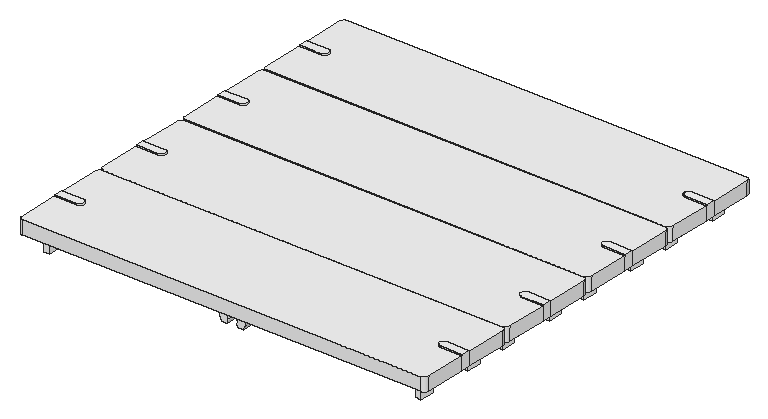
Revit family "Gira_502412", category Electrical Fixtures, host Face, Revit 2017
Family settings
  Host = Face
  Maintain Annotation Orientation = No
  Round Connector Dimension = Use Diameter
  Part Type = Normal
  Cut with Voids When Loaded = No
  Shared = No
  Room Calculation Point = No
Parameters (values of type "rocker set 4-g PB sens.4 TS4 white gl.")
  URL = "https://www.gira.de/"
  Type Comments = ""
  Transparent = no
  Radio frequent bidirectional = no
  Model = ""
  Material = "Glass"
  Manufacturer = "Gira"
  Keynote = ""
  HeinzeBIM = "https://www.heinze.de/bim/rocker-set-4-g-pb-sens-4-ts4-white-gl-/9f6952b6be395fb37c6925094cc660bfa5760379"
  HAN = "502412"
  GTIN = "4010337072034"
  Description = ""
  Default Elevation = 1219.2 mm
  Cost = 0
  Colour = "White"
  BIMSITE_PRODUCT_ID = "9f6952b6be395fb37c6925094cc660bfa5760379"
  BIM = "https://media.live.bim.site/t/eyJhbGciOiJIUzI1NiIsInR5cCI6IkpXVCJ9.eyJjdCI6MSwidGYiOiJwdWJsaWMvZ2lyYS8wOWY1ZGI1LzQwXzUwMjEwMCBUUzQgV2lwcGVuc2V0IDRmYWNoLnJmYSIsImNpZCI6ImZlZDk4ZTlhLTFiZDgtNGM2OC1hNzNiLTc0YTk0ZTMxNTgyMyIsInJpZCI6ImVmNjg3NzE5N2VjZjBjOGJjNTFkYjY0OTQyMjUzMTVlIiwicGlkIjoiOWY2OTUyYjZiZTM5NWZiMzdjNjkyNTA5NGNjNjYwYmZhNTc2MDM3OSIsInNpZCI6IjYzNDcwIiwidXQiOjUsImxjIjoiZW4iLCJpYXQiOjE2MDc0MzkzNzEsImlzcyI6Imh0dHBzOi8vYXBpLmxpdmUuYmltLnNpdGUiLCJzdWIiOiI4ZDNhYTVjYi1lMDY2LTQ1OTgtYmUxNi02ZTE2ZWU3NDk1NmEifQ.YosGSkj3nY3OO-fRPoJljp_Z94FloCtzurKV-yGnqNY/40_502100 TS4 Wippenset 4fach.rfa"
  Assembly Code = ""
Reference planes
  plane 1 "Center (Front/Back)": y = 0
  plane 2: z = 0
  plane 3 "Center (Left/Right)": x = 0
Dimensions and locks
  aligned and locked: plane 2 to host face
  aligned and locked: level to host face
Nested families
  nested 1: "40_502100 TS4 Wippenset 4fach" at (0, 0, 0), type "40_502100 TS4 Wippenset 4fach"
Definition of nested family "40_502100 TS4 Wippenset 4fach"
  Parameters
    White = none
  Reference planes
    plane 1 "Center (Front/Back)": y = 0
    plane 2: z = 0
    plane 3 "Center (Left/Right)": x = 0
  Forms (mm)
    Extrusion 1, solid, material <- "White", detail levels fine
      sketch origin (0, 0, 0) x (1, 0, 0) y (0, 1, 0)
        loop
          arc (-46.5, 47.5) -> (-47.207, 47.207) -> (-47.5, 46.5) r 1
          line (-47.5, 46.5) -> (-47.5, 36.7) -> (-42.5, 36.7)
          arc (-42.5, 36.7) -> (-41.5, 35.7) -> (-42.5, 34.7) r 1
          line (-42.5, 34.7) -> (-47.5, 34.7) -> (-47.5, 24.95)
          arc (-47.5, 24.95) -> (-47.207, 24.243) -> (-46.5, 23.95) r 1
          line (-46.5, 23.95) -> (46.5, 23.95)
          arc (46.5, 23.95) -> (47.207, 24.243) -> (47.5, 24.95) r 1
          line (47.5, 24.95) -> (47.5, 34.7) -> (42.5, 34.7)
          arc (42.5, 34.7) -> (41.5, 35.7) -> (42.5, 36.7) r 1
          line (42.5, 36.7) -> (47.5, 36.7) -> (47.5, 46.5)
          arc (47.5, 46.5) -> (47.207, 47.207) -> (46.5, 47.5) r 1
          line (46.5, 47.5) -> (-46.5, 47.5)
      from 0 to 3.1
    Extrusion 2, solid, material <- "White", detail levels fine
      sketch origin (0, 0, 0) x (1, 0, 0) y (0, 1, 0)
        loop
          line (43.976, 44.188) -> (-43.976, 44.188) -> (-43.976, 27.198) -> (43.976, 27.198) -> (43.976, 44.188)
      from 0 to -1.5
    Extrusion 3, solid, detail levels fine
      sketch origin (0, 0, 0) x (1, 0, 0) y (0, 0, -1)
        loop
          line (-1.639, 4) -> (-2.5, 4) -> (-3.5, 1.5) -> (3.5, 1.5) -> (2.5, 4) -> (1.639, 4)
          arc (1.639, 4) -> (1.115, 3.694) -> (1.122, 3.087) r 0.603
          arc (1.122, 3.087) -> (-0.011, 1.666) -> (-1.122, 3.087) r 1.145
          arc (-1.122, 3.087) -> (-1.115, 3.694) -> (-1.639, 4) r 0.603
      from 41.985 to 44.199
    Extrusion 4, solid, material <- "White", detail levels medium
      sketch origin (0, 0, 0) x (1, 0, 0) y (0, 1, 0)
        loop
          line (43.976, 44.188) -> (-43.976, 44.188) -> (-43.976, 27.198) -> (43.976, 27.198) -> (43.976, 44.188)
      from 0 to -4
    Extrusion 5, solid, material <- "White", detail levels medium
      sketch origin (0, 0, 0) x (1, 0, 0) y (0, 1, 0)
        loop
          line (-47.5, 47.5) -> (-47.5, 23.95) -> (47.5, 23.95) -> (47.5, 47.5) -> (-47.5, 47.5)
      from 0 to 3.3
    Extrusion 6, solid, material <- "White", detail levels fine
      sketch origin (0, 0, 0) x (1, 0, 0) y (0, 1, 0)
        loop
          line (-43.976, 44.188) -> (-43.976, 40.908) -> (-42.655, 40.908) -> (-42.655, 44.188) -> (-43.976, 44.188)
        loop
          line (43.976, 44.188) -> (42.655, 44.188) -> (42.655, 40.908) -> (43.976, 40.908) -> (43.976, 44.188)
        loop
          line (-43.976, 27.198) -> (-42.655, 27.198) -> (-42.655, 30.479) -> (-43.976, 30.479) -> (-43.976, 27.198)
        loop
          line (43.976, 27.198) -> (43.976, 30.479) -> (42.655, 30.479) -> (42.655, 27.198) -> (43.976, 27.198)
      from 0 to -4
    Extrusion 7, solid, detail levels fine
      sketch origin (0, 35.7, 0) x (1, 0, 0) y (0, 1, 0)
        loop
          line (-47.5, 1) -> (-47.5, -1) -> (-42.5, -1)
          arc (-42.5, -1) -> (-41.5, 0) -> (-42.5, 1) r 1
          line (-42.5, 1) -> (-47.5, 1)
        loop
          line (47.5, 1) -> (42.5, 1)
          arc (42.5, 1) -> (41.5, 0) -> (42.5, -1) r 1
          line (42.5, -1) -> (47.5, -1) -> (47.5, 1)
      from 0 to 3.3
    Extrusion 8, solid, detail levels coarse
      sketch origin (0, 0, 0) x (1, 0, 0) y (0, 1, 0)
        loop
          line (-47.5, 47.5) -> (-47.5, -47.45) -> (47.5, -47.45) -> (47.5, 47.5) -> (-47.5, 47.5)
      from -4 to 3.3
    Extrusion 9, solid, material <- "White", detail levels fine
      sketch origin (0, 35.735, 0) x (1, 0, 0) y (0, 1, 0)
        loop
          line (-41.852, 6.181) -> (-43.976, 4.461) -> (-43.976, -4.461) -> (-41.852, -6.181)
          arc (-41.852, -6.181) -> (-38.884, -6.014) -> (-38.763, -3.043) r 2.212
          line (-38.763, -3.043) -> (-38.763, 3.043)
          arc (-38.763, 3.043) -> (-38.884, 6.014) -> (-41.852, 6.181) r 2.212
        loop
          arc (-39.415, 3.847) -> (-39.669, 5.38) -> (-41.223, 5.404) r 1.212
          line (-41.223, 5.404) -> (-42.938, 4.015) -> (-40.57, 1.883) -> (-39.415, 3.847)
        loop
          line (-39.415, -3.847) -> (-40.57, -1.883) -> (-42.938, -4.015) -> (-41.223, -5.404)
          arc (-41.223, -5.404) -> (-39.669, -5.38) -> (-39.415, -3.847) r 1.212
        loop
          arc (41.852, 6.181) -> (38.884, 6.014) -> (38.763, 3.043) r 2.212
          line (38.763, 3.043) -> (38.763, -3.043)
          arc (38.763, -3.043) -> (38.884, -6.014) -> (41.852, -6.181) r 2.212
          line (41.852, -6.181) -> (43.976, -4.461) -> (43.976, 4.461) -> (41.852, 6.181)
        loop
          line (39.415, 3.847) -> (40.57, 1.883) -> (42.938, 4.015) -> (41.223, 5.404)
          arc (41.223, 5.404) -> (39.669, 5.38) -> (39.415, 3.847) r 1.212
        loop
          arc (39.415, -3.847) -> (39.669, -5.38) -> (41.223, -5.404) r 1.212
          line (41.223, -5.404) -> (42.938, -4.015) -> (40.57, -1.883) -> (39.415, -3.847)
      from 0 to -3.1
    Extrusion 10, solid, material <- "White", detail levels fine
      sketch origin (0, -23.8, 0) x (1, 0, 0) y (0, 1, 0)
        loop
          arc (-46.5, 47.5) -> (-47.207, 47.207) -> (-47.5, 46.5) r 1
          line (-47.5, 46.5) -> (-47.5, 36.7) -> (-42.5, 36.7)
          arc (-42.5, 36.7) -> (-41.5, 35.7) -> (-42.5, 34.7) r 1
          line (-42.5, 34.7) -> (-47.5, 34.7) -> (-47.5, 24.95)
          arc (-47.5, 24.95) -> (-47.207, 24.243) -> (-46.5, 23.95) r 1
          line (-46.5, 23.95) -> (46.5, 23.95)
          arc (46.5, 23.95) -> (47.207, 24.243) -> (47.5, 24.95) r 1
          line (47.5, 24.95) -> (47.5, 34.7) -> (42.5, 34.7)
          arc (42.5, 34.7) -> (41.5, 35.7) -> (42.5, 36.7) r 1
          line (42.5, 36.7) -> (47.5, 36.7) -> (47.5, 46.5)
          arc (47.5, 46.5) -> (47.207, 47.207) -> (46.5, 47.5) r 1
          line (46.5, 47.5) -> (-46.5, 47.5)
      from 0 to 3.1
    Extrusion 11, solid, material <- "White", detail levels fine
      sketch origin (0, -23.8, 0) x (1, 0, 0) y (0, 1, 0)
        loop
          line (43.976, 44.188) -> (-43.976, 44.188) -> (-43.976, 27.198) -> (43.976, 27.198) -> (43.976, 44.188)
      from 0 to -1.5
    Extrusion 12, solid, detail levels fine
      sketch origin (0, -23.8, 0) x (1, 0, 0) y (0, 0, -1)
        loop
          line (-1.639, 4) -> (-2.5, 4) -> (-3.5, 1.5) -> (3.5, 1.5) -> (2.5, 4) -> (1.639, 4)
          arc (1.639, 4) -> (1.115, 3.694) -> (1.122, 3.087) r 0.603
          arc (1.122, 3.087) -> (-0.011, 1.666) -> (-1.122, 3.087) r 1.145
          arc (-1.122, 3.087) -> (-1.115, 3.694) -> (-1.639, 4) r 0.603
      from 41.985 to 44.199
    Extrusion 13, solid, material <- "White", detail levels medium
      sketch origin (0, -23.8, 0) x (1, 0, 0) y (0, 1, 0)
        loop
          line (43.976, 44.188) -> (-43.976, 44.188) -> (-43.976, 27.198) -> (43.976, 27.198) -> (43.976, 44.188)
      from 0 to -4
    Extrusion 14, solid, material <- "White", detail levels medium
      sketch origin (0, -23.8, 0) x (1, 0, 0) y (0, 1, 0)
        loop
          line (-47.5, 47.5) -> (-47.5, 23.95) -> (47.5, 23.95) -> (47.5, 47.5) -> (-47.5, 47.5)
      from 0 to 3.3
    Extrusion 15, solid, material <- "White", detail levels fine
      sketch origin (0, -23.8, 0) x (1, 0, 0) y (0, 1, 0)
        loop
          line (-43.976, 44.188) -> (-43.976, 40.908) -> (-42.655, 40.908) -> (-42.655, 44.188) -> (-43.976, 44.188)
        loop
          line (43.976, 44.188) -> (42.655, 44.188) -> (42.655, 40.908) -> (43.976, 40.908) -> (43.976, 44.188)
        loop
          line (-43.976, 27.198) -> (-42.655, 27.198) -> (-42.655, 30.479) -> (-43.976, 30.479) -> (-43.976, 27.198)
        loop
          line (43.976, 27.198) -> (43.976, 30.479) -> (42.655, 30.479) -> (42.655, 27.198) -> (43.976, 27.198)
      from 0 to -4
    Extrusion 16, solid, detail levels fine
      sketch origin (0, 11.9, 0) x (1, 0, 0) y (0, 1, 0)
        loop
          line (-47.5, 1) -> (-47.5, -1) -> (-42.5, -1)
          arc (-42.5, -1) -> (-41.5, 0) -> (-42.5, 1) r 1
          line (-42.5, 1) -> (-47.5, 1)
        loop
          line (47.5, 1) -> (42.5, 1)
          arc (42.5, 1) -> (41.5, 0) -> (42.5, -1) r 1
          line (42.5, -1) -> (47.5, -1) -> (47.5, 1)
      from 0 to 3.3
    Extrusion 17, solid, material <- "White", detail levels fine
      sketch origin (0, 11.935, 0) x (1, 0, 0) y (0, 1, 0)
        loop
          line (-41.852, 6.181) -> (-43.976, 4.461) -> (-43.976, -4.461) -> (-41.852, -6.181)
          arc (-41.852, -6.181) -> (-38.884, -6.014) -> (-38.763, -3.043) r 2.212
          line (-38.763, -3.043) -> (-38.763, 3.043)
          arc (-38.763, 3.043) -> (-38.884, 6.014) -> (-41.852, 6.181) r 2.212
        loop
          arc (-39.415, 3.847) -> (-39.669, 5.38) -> (-41.223, 5.404) r 1.212
          line (-41.223, 5.404) -> (-42.938, 4.015) -> (-40.57, 1.883) -> (-39.415, 3.847)
        loop
          line (-39.415, -3.847) -> (-40.57, -1.883) -> (-42.938, -4.015) -> (-41.223, -5.404)
          arc (-41.223, -5.404) -> (-39.669, -5.38) -> (-39.415, -3.847) r 1.212
        loop
          arc (41.852, 6.181) -> (38.884, 6.014) -> (38.763, 3.043) r 2.212
          line (38.763, 3.043) -> (38.763, -3.043)
          arc (38.763, -3.043) -> (38.884, -6.014) -> (41.852, -6.181) r 2.212
          line (41.852, -6.181) -> (43.976, -4.461) -> (43.976, 4.461) -> (41.852, 6.181)
        loop
          line (39.415, 3.847) -> (40.57, 1.883) -> (42.938, 4.015) -> (41.223, 5.404)
          arc (41.223, 5.404) -> (39.669, 5.38) -> (39.415, 3.847) r 1.212
        loop
          arc (39.415, -3.847) -> (39.669, -5.38) -> (41.223, -5.404) r 1.212
          line (41.223, -5.404) -> (42.938, -4.015) -> (40.57, -1.883) -> (39.415, -3.847)
      from 0 to -3.1
    Extrusion 18, solid, material <- "White", detail levels fine
      sketch origin (0, -47.65, 0) x (1, 0, 0) y (0, 1, 0)
        loop
          arc (-46.5, 47.5) -> (-47.207, 47.207) -> (-47.5, 46.5) r 1
          line (-47.5, 46.5) -> (-47.5, 36.7) -> (-42.5, 36.7)
          arc (-42.5, 36.7) -> (-41.5, 35.7) -> (-42.5, 34.7) r 1
          line (-42.5, 34.7) -> (-47.5, 34.7) -> (-47.5, 24.95)
          arc (-47.5, 24.95) -> (-47.207, 24.243) -> (-46.5, 23.95) r 1
          line (-46.5, 23.95) -> (46.5, 23.95)
          arc (46.5, 23.95) -> (47.207, 24.243) -> (47.5, 24.95) r 1
          line (47.5, 24.95) -> (47.5, 34.7) -> (42.5, 34.7)
          arc (42.5, 34.7) -> (41.5, 35.7) -> (42.5, 36.7) r 1
          line (42.5, 36.7) -> (47.5, 36.7) -> (47.5, 46.5)
          arc (47.5, 46.5) -> (47.207, 47.207) -> (46.5, 47.5) r 1
          line (46.5, 47.5) -> (-46.5, 47.5)
      from 0 to 3.1
    Extrusion 19, solid, material <- "White", detail levels fine
      sketch origin (0, -47.65, 0) x (1, 0, 0) y (0, 1, 0)
        loop
          line (43.976, 44.188) -> (-43.976, 44.188) -> (-43.976, 27.198) -> (43.976, 27.198) -> (43.976, 44.188)
      from 0 to -1.5
    Extrusion 20, solid, detail levels fine
      sketch origin (0, -47.65, 0) x (1, 0, 0) y (0, 0, -1)
        loop
          line (-1.639, 4) -> (-2.5, 4) -> (-3.5, 1.5) -> (3.5, 1.5) -> (2.5, 4) -> (1.639, 4)
          arc (1.639, 4) -> (1.115, 3.694) -> (1.122, 3.087) r 0.603
          arc (1.122, 3.087) -> (-0.011, 1.666) -> (-1.122, 3.087) r 1.145
          arc (-1.122, 3.087) -> (-1.115, 3.694) -> (-1.639, 4) r 0.603
      from 41.985 to 44.199
    Extrusion 21, solid, material <- "White", detail levels medium
      sketch origin (0, -47.65, 0) x (1, 0, 0) y (0, 1, 0)
        loop
          line (43.976, 44.188) -> (-43.976, 44.188) -> (-43.976, 27.198) -> (43.976, 27.198) -> (43.976, 44.188)
      from 0 to -4
    Extrusion 22, solid, material <- "White", detail levels medium
      sketch origin (0, -47.65, 0) x (1, 0, 0) y (0, 1, 0)
        loop
          line (-47.5, 47.5) -> (-47.5, 23.95) -> (47.5, 23.95) -> (47.5, 47.5) -> (-47.5, 47.5)
      from 0 to 3.3
    Extrusion 23, solid, material <- "White", detail levels fine
      sketch origin (0, -47.65, 0) x (1, 0, 0) y (0, 1, 0)
        loop
          line (-43.976, 44.188) -> (-43.976, 40.908) -> (-42.655, 40.908) -> (-42.655, 44.188) -> (-43.976, 44.188)
        loop
          line (43.976, 44.188) -> (42.655, 44.188) -> (42.655, 40.908) -> (43.976, 40.908) -> (43.976, 44.188)
        loop
          line (-43.976, 27.198) -> (-42.655, 27.198) -> (-42.655, 30.479) -> (-43.976, 30.479) -> (-43.976, 27.198)
        loop
          line (43.976, 27.198) -> (43.976, 30.479) -> (42.655, 30.479) -> (42.655, 27.198) -> (43.976, 27.198)
      from 0 to -4
    Extrusion 24, solid, detail levels fine
      sketch origin (0, -11.95, 0) x (1, 0, 0) y (0, 1, 0)
        loop
          line (-47.5, 1) -> (-47.5, -1) -> (-42.5, -1)
          arc (-42.5, -1) -> (-41.5, 0) -> (-42.5, 1) r 1
          line (-42.5, 1) -> (-47.5, 1)
        loop
          line (47.5, 1) -> (42.5, 1)
          arc (42.5, 1) -> (41.5, 0) -> (42.5, -1) r 1
          line (42.5, -1) -> (47.5, -1) -> (47.5, 1)
      from 0 to 3.3
    Extrusion 25, solid, material <- "White", detail levels fine
      sketch origin (0, -11.915, 0) x (1, 0, 0) y (0, 1, 0)
        loop
          line (-41.852, 6.181) -> (-43.976, 4.461) -> (-43.976, -4.461) -> (-41.852, -6.181)
          arc (-41.852, -6.181) -> (-38.884, -6.014) -> (-38.763, -3.043) r 2.212
          line (-38.763, -3.043) -> (-38.763, 3.043)
          arc (-38.763, 3.043) -> (-38.884, 6.014) -> (-41.852, 6.181) r 2.212
        loop
          arc (-39.415, 3.847) -> (-39.669, 5.38) -> (-41.223, 5.404) r 1.212
          line (-41.223, 5.404) -> (-42.938, 4.015) -> (-40.57, 1.883) -> (-39.415, 3.847)
        loop
          line (-39.415, -3.847) -> (-40.57, -1.883) -> (-42.938, -4.015) -> (-41.223, -5.404)
          arc (-41.223, -5.404) -> (-39.669, -5.38) -> (-39.415, -3.847) r 1.212
        loop
          arc (41.852, 6.181) -> (38.884, 6.014) -> (38.763, 3.043) r 2.212
          line (38.763, 3.043) -> (38.763, -3.043)
          arc (38.763, -3.043) -> (38.884, -6.014) -> (41.852, -6.181) r 2.212
          line (41.852, -6.181) -> (43.976, -4.461) -> (43.976, 4.461) -> (41.852, 6.181)
        loop
          line (39.415, 3.847) -> (40.57, 1.883) -> (42.938, 4.015) -> (41.223, 5.404)
          arc (41.223, 5.404) -> (39.669, 5.38) -> (39.415, 3.847) r 1.212
        loop
          arc (39.415, -3.847) -> (39.669, -5.38) -> (41.223, -5.404) r 1.212
          line (41.223, -5.404) -> (42.938, -4.015) -> (40.57, -1.883) -> (39.415, -3.847)
      from 0 to -3.1
    Extrusion 26, solid, material <- "White", detail levels fine
      sketch origin (0, -71.4, 0) x (1, 0, 0) y (0, 1, 0)
        loop
          arc (-46.5, 47.5) -> (-47.207, 47.207) -> (-47.5, 46.5) r 1
          line (-47.5, 46.5) -> (-47.5, 36.7) -> (-42.5, 36.7)
          arc (-42.5, 36.7) -> (-41.5, 35.7) -> (-42.5, 34.7) r 1
          line (-42.5, 34.7) -> (-47.5, 34.7) -> (-47.5, 24.95)
          arc (-47.5, 24.95) -> (-47.207, 24.243) -> (-46.5, 23.95) r 1
          line (-46.5, 23.95) -> (46.5, 23.95)
          arc (46.5, 23.95) -> (47.207, 24.243) -> (47.5, 24.95) r 1
          line (47.5, 24.95) -> (47.5, 34.7) -> (42.5, 34.7)
          arc (42.5, 34.7) -> (41.5, 35.7) -> (42.5, 36.7) r 1
          line (42.5, 36.7) -> (47.5, 36.7) -> (47.5, 46.5)
          arc (47.5, 46.5) -> (47.207, 47.207) -> (46.5, 47.5) r 1
          line (46.5, 47.5) -> (-46.5, 47.5)
      from 0 to 3.1
    Extrusion 27, solid, material <- "White", detail levels fine
      sketch origin (0, -71.4, 0) x (1, 0, 0) y (0, 1, 0)
        loop
          line (43.976, 44.188) -> (-43.976, 44.188) -> (-43.976, 27.198) -> (43.976, 27.198) -> (43.976, 44.188)
      from 0 to -1.5
    Extrusion 28, solid, detail levels fine
      sketch origin (0, -71.4, 0) x (1, 0, 0) y (0, 0, -1)
        loop
          line (-1.639, 4) -> (-2.5, 4) -> (-3.5, 1.5) -> (3.5, 1.5) -> (2.5, 4) -> (1.639, 4)
          arc (1.639, 4) -> (1.115, 3.694) -> (1.122, 3.087) r 0.603
          arc (1.122, 3.087) -> (-0.011, 1.666) -> (-1.122, 3.087) r 1.145
          arc (-1.122, 3.087) -> (-1.115, 3.694) -> (-1.639, 4) r 0.603
      from 41.985 to 44.199
    Extrusion 29, solid, material <- "White", detail levels medium
      sketch origin (0, -71.4, 0) x (1, 0, 0) y (0, 1, 0)
        loop
          line (43.976, 44.188) -> (-43.976, 44.188) -> (-43.976, 27.198) -> (43.976, 27.198) -> (43.976, 44.188)
      from 0 to -4
    Extrusion 30, solid, material <- "White", detail levels medium
      sketch origin (0, -71.4, 0) x (1, 0, 0) y (0, 1, 0)
        loop
          line (-47.5, 47.5) -> (-47.5, 23.95) -> (47.5, 23.95) -> (47.5, 47.5) -> (-47.5, 47.5)
      from 0 to 3.3
    Extrusion 31, solid, material <- "White", detail levels fine
      sketch origin (0, -71.4, 0) x (1, 0, 0) y (0, 1, 0)
        loop
          line (-43.976, 44.188) -> (-43.976, 40.908) -> (-42.655, 40.908) -> (-42.655, 44.188) -> (-43.976, 44.188)
        loop
          line (43.976, 44.188) -> (42.655, 44.188) -> (42.655, 40.908) -> (43.976, 40.908) -> (43.976, 44.188)
        loop
          line (-43.976, 27.198) -> (-42.655, 27.198) -> (-42.655, 30.479) -> (-43.976, 30.479) -> (-43.976, 27.198)
        loop
          line (43.976, 27.198) -> (43.976, 30.479) -> (42.655, 30.479) -> (42.655, 27.198) -> (43.976, 27.198)
      from 0 to -4
    Extrusion 32, solid, detail levels fine
      sketch origin (0, -35.7, 0) x (1, 0, 0) y (0, 1, 0)
        loop
          line (-47.5, 1) -> (-47.5, -1) -> (-42.5, -1)
          arc (-42.5, -1) -> (-41.5, 0) -> (-42.5, 1) r 1
          line (-42.5, 1) -> (-47.5, 1)
        loop
          line (47.5, 1) -> (42.5, 1)
          arc (42.5, 1) -> (41.5, 0) -> (42.5, -1) r 1
          line (42.5, -1) -> (47.5, -1) -> (47.5, 1)
      from 0 to 3.3
    Extrusion 33, solid, material <- "White", detail levels fine
      sketch origin (0, -35.665, 0) x (1, 0, 0) y (0, 1, 0)
        loop
          line (-41.852, 6.181) -> (-43.976, 4.461) -> (-43.976, -4.461) -> (-41.852, -6.181)
          arc (-41.852, -6.181) -> (-38.884, -6.014) -> (-38.763, -3.043) r 2.212
          line (-38.763, -3.043) -> (-38.763, 3.043)
          arc (-38.763, 3.043) -> (-38.884, 6.014) -> (-41.852, 6.181) r 2.212
        loop
          arc (-39.415, 3.847) -> (-39.669, 5.38) -> (-41.223, 5.404) r 1.212
          line (-41.223, 5.404) -> (-42.938, 4.015) -> (-40.57, 1.883) -> (-39.415, 3.847)
        loop
          line (-39.415, -3.847) -> (-40.57, -1.883) -> (-42.938, -4.015) -> (-41.223, -5.404)
          arc (-41.223, -5.404) -> (-39.669, -5.38) -> (-39.415, -3.847) r 1.212
        loop
          arc (41.852, 6.181) -> (38.884, 6.014) -> (38.763, 3.043) r 2.212
          line (38.763, 3.043) -> (38.763, -3.043)
          arc (38.763, -3.043) -> (38.884, -6.014) -> (41.852, -6.181) r 2.212
          line (41.852, -6.181) -> (43.976, -4.461) -> (43.976, 4.461) -> (41.852, 6.181)
        loop
          line (39.415, 3.847) -> (40.57, 1.883) -> (42.938, 4.015) -> (41.223, 5.404)
          arc (41.223, 5.404) -> (39.669, 5.38) -> (39.415, 3.847) r 1.212
        loop
          arc (39.415, -3.847) -> (39.669, -5.38) -> (41.223, -5.404) r 1.212
          line (41.223, -5.404) -> (42.938, -4.015) -> (40.57, -1.883) -> (39.415, -3.847)
      from 0 to -3.1
    Extrusion 34, solid, detail levels fine
      sketch origin (0, 71.387, 0) x (1, 0, 0) y (0, 0, 1)
        loop
          arc (-1.639, -4) -> (-1.115, -3.694) -> (-1.122, -3.087) r 0.603
          arc (-1.122, -3.087) -> (-0.011, -1.666) -> (1.122, -3.087) r 1.145
          arc (1.122, -3.087) -> (1.115, -3.694) -> (1.639, -4) r 0.603
          line (1.639, -4) -> (2.5, -4) -> (3.5, -1.5) -> (-3.5, -1.5) -> (-2.5, -4) -> (-1.639, -4)
      from 41.985 to 44.199
    Extrusion 35, solid, detail levels fine
      sketch origin (0, 47.597, 0) x (1, 0, 0) y (0, 0, 1)
        loop
          arc (-1.639, -4) -> (-1.115, -3.694) -> (-1.122, -3.087) r 0.603
          arc (-1.122, -3.087) -> (-0.011, -1.666) -> (1.122, -3.087) r 1.145
          arc (1.122, -3.087) -> (1.115, -3.694) -> (1.639, -4) r 0.603
          line (1.639, -4) -> (2.5, -4) -> (3.5, -1.5) -> (-3.5, -1.5) -> (-2.5, -4) -> (-1.639, -4)
      from 41.985 to 44.199
    Extrusion 36, solid, detail levels fine
      sketch origin (0, 23.747, 0) x (1, 0, 0) y (0, 0, 1)
        loop
          arc (-1.639, -4) -> (-1.115, -3.694) -> (-1.122, -3.087) r 0.603
          arc (-1.122, -3.087) -> (-0.011, -1.666) -> (1.122, -3.087) r 1.145
          arc (1.122, -3.087) -> (1.115, -3.694) -> (1.639, -4) r 0.603
          line (1.639, -4) -> (2.5, -4) -> (3.5, -1.5) -> (-3.5, -1.5) -> (-2.5, -4) -> (-1.639, -4)
      from 41.985 to 44.199
    Extrusion 37, solid, detail levels fine
      sketch origin (0, -0.003, 0) x (1, 0, 0) y (0, 0, 1)
        loop
          arc (-1.639, -4) -> (-1.115, -3.694) -> (-1.122, -3.087) r 0.603
          arc (-1.122, -3.087) -> (-0.011, -1.666) -> (1.122, -3.087) r 1.145
          arc (1.122, -3.087) -> (1.115, -3.694) -> (1.639, -4) r 0.603
          line (1.639, -4) -> (2.5, -4) -> (3.5, -1.5) -> (-3.5, -1.5) -> (-2.5, -4) -> (-1.639, -4)
      from 41.985 to 44.199
  Cuts and joins
    joined: Extrusion 2, Extrusion 6, Extrusion 9
  Dimensions and locks
    aligned and locked: level to plane 2
